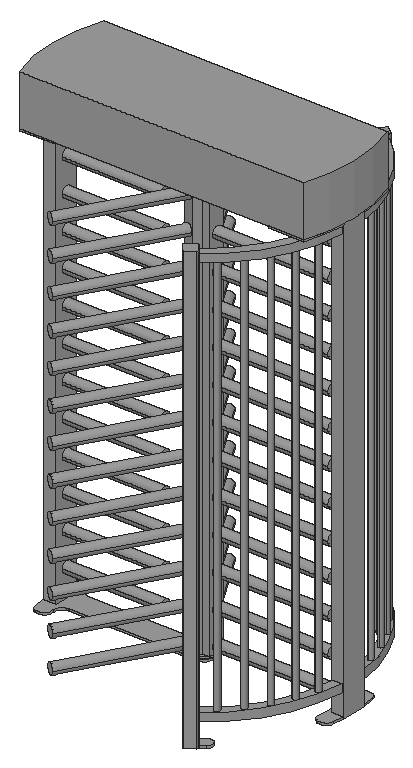
Revit family "assa_abloy_ft100", category Generic Models, Revit 2026
Family settings
  Can host rebar = No
  Round Connector Dimension = Use Diameter
  Part Type = Normal
  Work Plane-Based = No
  Always vertical = Yes
  Cut with Voids When Loaded = No
  Maintain Annotation Orientation = No
  Shared = No
  Room Calculation Point = No
Parameters (values of type "FT100")
  Weight = "Depends on configuration and size"
  WarrantyDescription = "Depends on country"
  Uniclass2 = ""
  URL = "https://www.assaabloyentrance.com"
  ThresholdRequired = no
  System Type Input [instance] = 1
  Shape = "Cylinder shaped"
  ServiceLifeDuration = "10-15 years"
  SerialNumber = "n/a"
  SelfClosing = yes
  SafetyDevices = "Force Limitations"
  ReplacementCost = "Depends on the configuration and door type"
  ReferenceStandard = "n/a"
  ProductionYear = "n/a"
  PassageWidthOptions = "600, 630, 670"
  OperatingTemperature = "-20º to +70ºC"
  NominalWidth = 1441.0 mm
  NominalLength = 1220.0 mm
  NominalHeight = 2370.0 mm
  ModelReference = "Depends on the configuration"
  Model = "Maxima"
  Material = "Aluminum"
  ManufacturerURL = "https://www.assaabloyentrance.com"
  Manufacturer = "Tansa"
  Length [instance] = if(System Type Input = 1, 1220.0 mm, if(System Type Input = 2, 1295.0 mm, if(System Type Input = 3, 1372.0 mm, 1372.0 mm)))  # 1220.0 mm
  LeafColourOptions = "All RAL, customer specific"
  IssueDate = "n/a"
  IsExternal = yes
  HeightUnderCanopyOptions = "2125"
  HasDrive = yes
  HandicapAccessible = no
  GlassType = "n/a"
  GlassThickness2 = 0.0 mm
  GlassThickness1 = 0.0 mm
  GlassLayers = 0
  FrameSeal = yes
  FrameProfile = "Aluminium"
  FrameFinishOptions = "Powder coated, Anodized, Clad in stainless steel, etc."
  Frame Material [instance] = AssaAbloy_Metal
  FireExit = no
  Finish [instance] = "Powder coated, Anodized, stainless steel, customer specific"
  ElectronicLock = yes
  DrumWallOptions = "Metal"
  DoorsetOptions = "no"
  DoorsetOperation = "Automatic"
  DoorsetFasteners = "Screws"
  DoorIncluded = yes
  Description = "Full height turnstile"
  Default Elevation = 0.0 mm
  Construction Type = "Full-height turnstile"
  Colour = "Customer specific"
  Clearance Zone Material [instance] = AssaAbloy_Clearance
  Clearance Zone [instance] = no
  Width [instance] = if(System Type Input = 1, 1441.0 mm, if(System Type Input = 2, 1501.0 mm, if(System Type Input = 3, 1580.0 mm, 1580.0 mm)))  # 1441.0 mm
  Clear Open Width [instance] = if(System Type Input = 1, 600.0 mm, if(System Type Input = 2, 630.0 mm, if(System Type Input = 3, 670.0 mm, 670.0 mm)))  # 600.0 mm
  Capacity = "n/a"
  Burglar resistance = "No"
  BreakoutFacility = no
  Author = "agtatec"
  AntiFingerTrapRequirement = no
  Anti-tailgating/Anti-piggybacking = "Yes"
  AccessoryOptions = "Contact manufacturer"
  Access control/Biometrics = "Yes"
Reference planes
  plane 1 "Center (Front/Back)": y = 0
  plane 2: z = 0
  plane 3 "Center (Left/Right)": x = 0
  plane 4: x = -720.5
  plane 5: x = 720.5
Dimensions and locks
  equal spacing: plane 4, plane 3 "Center (Left/Right)", plane 5
  "Width": plane 4 to plane 5
  aligned and locked: level to plane 2
  aligned and locked: nested 3 to plane 4
  aligned and locked: plane 5 to nested 1
Nested families
  nested 1: "record_MRT_SideElement" at (720.5, 0, 0), type "record_MRT_SideElement"
    with Width/2 720.5 mm, Grid no, Grate yes, Width 1441.0 mm
  nested 2: "record_MRT_Canopy" at (0, 0, 2125), Width <- "Width", Clearance Zone <- "Clearance Zone", Clearance Zone Material <- "Clearance Zone Material", type "record_MRT_Canopy"
    with Width 1441.0 mm, Clearance Zone Material AssaAbloy_Clearance, Clearance Zone no
  nested 3: "record_MRT_SideElement" at (-720.5, 0, 0) x (-1, 0, 0) z (0, 0, 1), type "record_MRT_SideElement"
    with Width/2 720.5 mm, Grid yes, Grate no, Width 1441.0 mm
  nested 4: "record_MRT_Grate" at (0, 0, 0), Width <- "Width", type "record_MRT_Grate"
    with Width 1441.0 mm, Radius 692.9 mm, Length 1220.0 mm, Angle 52.95°
  nested 5: "record_MRT_Grate" at (0, 0, 0), Width <- "Width", type "record_MRT_Grate"
    with Width 1441.0 mm, Radius 692.9 mm, Length 1220.0 mm, Angle 52.95°
  nested 6: "record_MRT_CZ" at (0, 0, 0), Width <- "Width", Clearance Zone <- "Clearance Zone", Clearance Zone Material <- "Clearance Zone Material", type "record_MRT_CZ"
    with Width 1441.0 mm, Clearance Zone Material AssaAbloy_Clearance, Clearance Zone no, CZRadius2 621.3 mm, CZRadius1 725.5 mm, Angle 52.95°
  nested 7: "record_MRT_RevolvingElement" at (0, 0, 0), type "record_MRT_RevolvingElement"
    with Rods Offset 37.0 mm, Rods Length 555.9 mm, COW 600.0 mm
Definition of nested family "record_MRT_SideElement"
  Parameters (values of type "record_MRT_SideElement")
    Width/2 [instance] = Width / 2  # 790.0 mm
    Width = 1580.0 mm
    Grid [instance] = yes
    Grate [instance] = yes
    Frame Material = none
    Default Elevation = 0.0 mm
  Reference planes
    plane 1 "Center (Front/Back)": y = 0
    plane 2: z = 0
    plane 3 "Center (Left/Right)": x = 0
    plane 4: z = 2125
    plane 5: x = -790
    plane 6: x = -605.8
    plane 7: x = -120.668
  Forms (mm)
    Sweep 1, solid, material <- "Frame Material", visible <- "Grate", not visible
      path origin (743.754, 172.094, 0) x (0, 0, 1) y (0.225717, -0.974193, 0)
        loop
          line (148.5, 0) -> (2077, 0)
      profile origin (743.754, 172.094, 1112.75) x (0.225717, -0.974193, 0) y (0.974193, 0.225717, 0)
        loop
          circle (0, -0.066) r 10
    Sweep 2, solid, material <- "Frame Material", visible <- "Grate", not visible
      path origin (709.973, 280.46, 0) x (0, 0, 1) y (0.36785, -0.929885, 0)
        loop
          line (148.5, 0) -> (2077, 0)
      profile origin (709.973, 280.46, 1112.75) x (0.36785, -0.929885, 0) y (0.929885, 0.36785, 0)
        loop
          circle (0, -0.066) r 10
    Sweep 3, solid, material <- "Frame Material", visible <- "Grate", not visible
      path origin (660.477, 382.61, 0) x (0, 0, 1) y (0.50183, -0.864966, 0)
        loop
          line (148.5, 0) -> (2077, 0)
      profile origin (660.477, 382.61, 1112.75) x (0.50183, -0.864966, 0) y (0.864966, 0.50183, 0)
        loop
          circle (0, -0.066) r 10
    Sweep 4, solid, material <- "Frame Material", visible <- "Grate", not visible
      path origin (599.29, 472.625, 0) x (0, 0, 1) y (0.625012, -0.780615, 0)
        loop
          line (148.5, -5) -> (2077, -5)
      profile origin (596.165, 476.528, 1112.75) x (0.625012, -0.780615, 0) y (0.780615, 0.625012, 0)
        loop
          circle (0, -0.066) r 10
    Sweep 5, solid, material <- "Frame Material", visible <- "Grate", not visible
      path origin (522.49, 556.213, 0) x (0, 0, 1) y (0.73398, -0.679171, 0)
        loop
          line (148.5, -5) -> (2077, -5)
      profile origin (518.82, 559.609, 1112.75) x (0.73398, -0.679171, 0) y (0.679171, 0.73398, 0)
        loop
          circle (0, -0.066) r 10
    Sweep 6, solid, material <- "Frame Material", visible <- "Grate", not visible
      path origin (434.471, 627.239, 0) x (0, 0, 1) y (0.826376, -0.563119, 0)
        loop
          line (0, -5) -> (2130, -5)
      profile origin (430.339, 630.054, 1065) x (0.826376, -0.563119, 0) y (0.563119, 0.826376, 0)
        loop
          line (-6.4, 29.934) -> (-53.6, 29.934)
          arc (-53.6, 29.934) -> (-58.125, 28.06) -> (-60, 23.534) r 6.4
          line (-60, 23.534) -> (-60, -23.666)
          arc (-60, -23.666) -> (-58.125, -28.191) -> (-53.6, -30.066) r 6.4
          line (-53.6, -30.066) -> (-6.4, -30.066)
          arc (-6.4, -30.066) -> (-1.875, -28.191) -> (0, -23.666) r 6.4
          line (0, -23.666) -> (0, 23.534)
          arc (0, 23.534) -> (-1.875, 28.06) -> (-6.4, 29.934) r 6.4
    Sweep 7, solid, material <- "Frame Material", visible <- "Grate", not visible
      path origin (0, 0, 0) x (1, 0, 0) y (0, 1, 0)
        loop
          arc (763.43, 0) -> (675.033, 356.342) -> (430.339, 630.054) r 762.43
      profile origin (675.033, 356.342, 0) x (-0.884058, -0.467376, 0) y (0, 0, 1)
        loop
          line (19.934, 108.5) -> (19.934, 148.5) -> (-20.066, 148.5) -> (-20.066, 108.5) -> (19.934, 108.5)
        loop
          line (19.934, 2077) -> (19.934, 2117) -> (-20.066, 2117) -> (-20.066, 2077) -> (19.934, 2077)
    Sweep 8, solid, material <- "Frame Material", visible <- "Grate", not visible
      path origin (430.339, 630.054, 0) x (0, 0, 1) y (0.826376, -0.563119, 0)
        loop
          line (0, 0) -> (8, 0)
      profile origin (430.339, 630.054, 4) x (0.826376, -0.563119, 0) y (0.563119, 0.826376, 0)
        loop
          line (0, 27.934) -> (0, -28.066)
          arc (0, -28.066) -> (14.452, -28.208) -> (28.898, -28.634) r 734.365
          arc (28.898, -28.634) -> (57.978, -1.758) -> (31.102, 27.322) r 28
          arc (31.102, 27.322) -> (15.554, 27.781) -> (0, 27.934) r 790.365
    Sweep 9, solid, material <- "Frame Material", visible <- "Grate", not visible
      path origin (473.627, 546.001, 0) x (0, 0, 1) y (0.755398, -0.655267, 0)
        loop
          line (148.5, 0) -> (2077, 0)
      profile origin (473.627, 546.001, 1112.75) x (0.755398, -0.655267, 0) y (0.655267, 0.755398, 0)
        loop
          arc (10, -0.066) -> (0, 9.934) -> (-10, -0.066) r 10
          line (-10, -0.066) -> (-10, -10) -> (10, -10) -> (10, -0.066)
    Sweep 10, solid, material <- "Frame Material"
      path origin (0, 153.297, 1200) x (0, 1, 0) y (0, 0, 1)
        loop
          line (-153.297, -1200) -> (-153.297, 925)
      profile origin (0, 0, 1062.5) x (0, -1, 0) y (1, 0, 0)
        loop
          line (60, 0) -> (-60, 0) -> (-60, -60) -> (60, -60) -> (60, 0)
    Sweep 11, solid, material <- "Frame Material", visible <- "Grid", detail levels fine
      path origin (-790, 0, 0) x (1, 0, 0) y (0, 1, 0)
        loop
          line (184.2, 0) -> (730, 0)
      profile origin (-332.9, 0, 0) x (0, 1, 0) y (0, 0, 1)
        loop
          circle (0, 143) r 25.5
        loop
          circle (0, 304) r 25.5
        loop
          circle (0, 465) r 25.5
        loop
          circle (0, 626) r 25.5
        loop
          circle (0, 787) r 25.5
        loop
          circle (0, 948) r 25.5
        loop
          circle (0, 1109) r 25.5
        loop
          circle (0, 1270) r 25.5
        loop
          circle (0, 1431) r 25.5
        loop
          circle (0, 1592) r 25.5
        loop
          circle (0, 1753) r 25.5
        loop
          circle (0, 1914) r 25.5
        loop
          circle (0, 2075) r 25.5
    Sweep 12, solid, material <- "Frame Material", visible <- "Grid", detail levels medium
      path origin (0, 0, 0) x (1, 0, 0) y (0, 1, 0)
        loop
          line (-605.8, 0) -> (-60, 0)
      profile origin (-332.9, 0, 0) x (0, 1, 0) y (0, 0, 1)
        loop
          line (25.5, 2100.5) -> (-25.5, 2100.5) -> (-25.5, 2049.5) -> (25.5, 2049.5) -> (25.5, 2100.5)
        loop
          line (25.5, 1939.5) -> (-25.5, 1939.5) -> (-25.5, 1888.5) -> (25.5, 1888.5) -> (25.5, 1939.5)
        loop
          line (25.5, 1778.5) -> (-25.5, 1778.5) -> (-25.5, 1727.5) -> (25.5, 1727.5) -> (25.5, 1778.5)
        loop
          line (25.5, 1617.5) -> (-25.5, 1617.5) -> (-25.5, 1566.5) -> (25.5, 1566.5) -> (25.5, 1617.5)
        loop
          line (25.5, 1456.5) -> (-25.5, 1456.5) -> (-25.5, 1405.5) -> (25.5, 1405.5) -> (25.5, 1456.5)
        loop
          line (25.5, 1295.5) -> (-25.5, 1295.5) -> (-25.5, 1244.5) -> (25.5, 1244.5) -> (25.5, 1295.5)
        loop
          line (25.5, 1134.5) -> (-25.5, 1134.5) -> (-25.5, 1083.5) -> (25.5, 1083.5) -> (25.5, 1134.5)
        loop
          line (25.5, 973.5) -> (-25.5, 973.5) -> (-25.5, 922.5) -> (25.5, 922.5) -> (25.5, 973.5)
        loop
          line (25.5, 812.5) -> (-25.5, 812.5) -> (-25.5, 761.5) -> (25.5, 761.5) -> (25.5, 812.5)
        loop
          line (25.5, 651.5) -> (-25.5, 651.5) -> (-25.5, 600.5) -> (25.5, 600.5) -> (25.5, 651.5)
        loop
          line (25.5, 490.5) -> (-25.5, 490.5) -> (-25.5, 439.5) -> (25.5, 439.5) -> (25.5, 490.5)
        loop
          line (25.5, 329.5) -> (-25.5, 329.5) -> (-25.5, 278.5) -> (25.5, 278.5) -> (25.5, 329.5)
        loop
          line (25.5, 168.5) -> (-25.5, 168.5) -> (-25.5, 117.5) -> (25.5, 117.5) -> (25.5, 168.5)
    Sweep 13, solid, material <- "Frame Material", visible <- "Grid", detail levels coarse
      path origin (0, 0, 0) x (1, 0, 0) y (0, 1, 0)
        loop
          line (-605.8, 0) -> (-60, 0)
      profile origin (-332.9, 0, 0) x (0, 1, 0) y (0, 0, 1)
        loop
          line (25.5, 2125) -> (-25.5, 2125) -> (-25.5, 0) -> (25.5, 0) -> (25.5, 2125)
    Extrusion 14, solid, material <- "Frame Material", visible <- "Grid", detail levels fine
      sketch origin (0, 0, 0) x (1, 0, 0) y (0, 1, 0)
        loop
          arc (-0.483, 60) -> (-2.898, 88.854) -> (-7.332, 117.467) r 412.33
          arc (-7.332, 117.467) -> (-51.695, 147.837) -> (-82.942, 104.088) r 38.4
          arc (-82.942, 104.088) -> (-91.655, 73.359) -> (-120.668, 60) r 38.185
          line (-120.668, 60) -> (-120.668, -60)
          arc (-120.668, -60) -> (-91.659, -73.354) -> (-82.94, -104.076) r 38.185
          arc (-82.94, -104.076) -> (-51.554, -147.836) -> (-7.278, -117.183) r 38.4
          arc (-7.278, -117.183) -> (-2.881, -88.71) -> (-0.483, -60) r 412.33
          line (-0.483, -60) -> (-60, -60) -> (-60, 60) -> (-0.483, 60)
      from 8 to 0
    Extrusion 15, solid, material <- "Frame Material", visible <- "Grid", detail levels fine
      sketch origin (-670.332, 0, 0) x (1, 0, 0) y (0, 1, 0)
        loop
          line (549.664, 60) -> (-119.668, 60)
          arc (-119.668, 60) -> (-179.668, 0) -> (-119.668, -60) r 60
          line (-119.668, -60) -> (549.664, -60) -> (549.664, 60)
      from 8 to 0
  Cuts and joins
    joined: Extrusion 14, Extrusion 15
  Lines and regions (mm)
    reference lines
      curve 1: circle (-790, 0, 0) r 60 normal (0, 0, 1)
  Dimensions and locks
    plane 4 to plane 2 = 2125.0 mm
    equal spacing: curve 1, plane 5, curve 1, locked at 60 each
    "Width/2": plane 5 to plane 3 "Center (Left/Right)"
    locked: plane 5 to plane 6 at 184.2
    locked: plane 7 to plane 3 "Center (Left/Right)" at 120.668
    aligned and locked: level to plane 2
    aligned and locked: plane 6 to Sweep 11 sketch curve
    aligned and locked: plane 6 to Sweep 12 sketch curve
  Automatic sketch dimensions
    plane 1 "Center (Front/Back)" to curve 1 = 0.0 mm
    curve 1 to plane 5 = 0.0 mm
    Sweep 10 sketch curve to plane 1 "Center (Front/Back)" = 0.0 mm
    Sweep 10 sketch curve to level = 0.0 mm
    plane 4 to Sweep 10 sketch curve = 0.0 mm
    Sweep 10 sketch curve to profile plane = 0.0 mm
    profile plane to Sweep 10 sketch curve = 60.0 mm
    Sweep 10 sketch curve to profile plane = 60.0 mm  (x2)
    plane 1 "Center (Front/Back)" to Sweep 11 sketch curve = 0.0 mm
    Sweep 11 sketch curve to plane 3 "Center (Left/Right)" = 60.0 mm
    Sweep 11 sketch curve to profile plane = 0.0 mm  (x13)
    profile plane to Sweep 11 sketch curve = 143.0 mm
    Sweep 11 sketch curve to Sweep 11 sketch curve = 161.0 mm  (x12)
    plane 1 "Center (Front/Back)" to Sweep 12 sketch curve = 0.0 mm
    Sweep 12 sketch curve to plane 3 "Center (Left/Right)" = 60.0 mm
    profile plane to Sweep 12 sketch curve = 25.5 mm  (x13)
    Sweep 12 sketch curve to profile plane = 25.5 mm  (x13)
    level to Sweep 12 sketch curve = 117.5 mm
    Sweep 12 sketch curve to Sweep 12 sketch curve = 51.0 mm  (x13)
    Sweep 12 sketch curve to Sweep 12 sketch curve = 110.0 mm  (x12)
    Sweep 13 sketch curve to plane 6 = 0.0 mm
    plane 1 "Center (Front/Back)" to Sweep 13 sketch curve = 0.0 mm
    Sweep 13 sketch curve to plane 3 "Center (Left/Right)" = 60.0 mm
    Sweep 13 sketch curve to level = 0.0 mm
    profile plane to Sweep 13 sketch curve = 25.5 mm
    Sweep 13 sketch curve to profile plane = 25.5 mm
    level to Sweep 13 sketch curve = 2125.0 mm
    Extrusion 14 sketch curve to plane 7 = 0.0 mm
    Extrusion 14 sketch curve to plane 1 "Center (Front/Back)" = 40.055 mm
    Extrusion 14 sketch curve to plane 7 = 291.662 mm
    plane 1 "Center (Front/Back)" to Extrusion 14 sketch curve = 40.055 mm
    Extrusion 14 sketch curve to Extrusion 14 sketch curve = 0.0 mm  (x3)
    Extrusion 14 sketch curve to plane 3 "Center (Left/Right)" = 60.0 mm
    Extrusion 14 sketch curve to plane 3 "Center (Left/Right)" = 45.004 mm
    Extrusion 14 sketch curve to plane 3 "Center (Left/Right)" = 45.0 mm
    Extrusion 14 sketch curve to plane 3 "Center (Left/Right)" = 0.483 mm  (x2)
    plane 1 "Center (Front/Back)" to Extrusion 14 sketch curve = 60.0 mm  (x2)
    Extrusion 14 sketch curve to Extrusion 14 sketch curve = 38.185 mm  (x2)
    Extrusion 14 sketch curve to Extrusion 14 sketch curve = 50.0 mm
    Extrusion 14 sketch curve to plane 1 "Center (Front/Back)" = 60.0 mm  (x2)
    Extrusion 14 sketch curve to Extrusion 14 sketch curve = 50.024 mm
    plane 1 "Center (Front/Back)" to Extrusion 15 sketch curve = 0.0 mm
    Extrusion 15 sketch curve to plane 5 = 0.0 mm
    Extrusion 15 sketch curve to plane 7 = 0.0 mm
    plane 1 "Center (Front/Back)" to Extrusion 15 sketch curve = 60.0 mm
    radius of curve 1 = 60.0 mm
    radius of Sweep 11 sketch curve = 25.5 mm  (x13)
  Nested families
    nested 1: "record_MRT_Element_1" at (0, 0, 0), visible <- "Grate", type "record_MRT_Element_1"
  Definition of nested family "record_MRT_Element_1"
    Parameters (values of type "record_MRT_Element_1")
      Frame Material = none
      Default Elevation = 0.0 mm
    Reference planes
      plane 1 "Center (Front/Back)": y = 0
      plane 2: z = 0
      plane 3 "Center (Left/Right)": x = 0
      plane 4: z = 2125
    Forms (mm)
      Sweep 1, solid, material <- "Frame Material", not visible
        path origin (743.754, 172.094, 0) x (0, 0, 1) y (0.225717, -0.974193, 0)
          loop
            line (148.5, 0) -> (2077, 0)
        profile origin (743.754, 172.094, 1112.75) x (0.225717, -0.974193, 0) y (0.974193, 0.225717, 0)
          loop
            circle (0, -0.066) r 10
      Sweep 2, solid, material <- "Frame Material", not visible
        path origin (709.973, 280.46, 0) x (0, 0, 1) y (0.36785, -0.929885, 0)
          loop
            line (148.5, 0) -> (2077, 0)
        profile origin (709.973, 280.46, 1112.75) x (0.36785, -0.929885, 0) y (0.929885, 0.36785, 0)
          loop
            circle (0, -0.066) r 10
      Sweep 3, solid, material <- "Frame Material", not visible
        path origin (660.477, 382.61, 0) x (0, 0, 1) y (0.50183, -0.864966, 0)
          loop
            line (148.5, 0) -> (2077, 0)
        profile origin (660.477, 382.61, 1112.75) x (0.50183, -0.864966, 0) y (0.864966, 0.50183, 0)
          loop
            circle (0, -0.066) r 10
      Sweep 4, solid, material <- "Frame Material", not visible
        path origin (599.29, 472.625, 0) x (0, 0, 1) y (0.625012, -0.780615, 0)
          loop
            line (148.5, -5) -> (2077, -5)
        profile origin (596.165, 476.528, 1112.75) x (0.625012, -0.780615, 0) y (0.780615, 0.625012, 0)
          loop
            circle (0, -0.066) r 10
      Sweep 5, solid, material <- "Frame Material", not visible
        path origin (522.49, 556.213, 0) x (0, 0, 1) y (0.73398, -0.679171, 0)
          loop
            line (148.5, -5) -> (2077, -5)
        profile origin (518.82, 559.609, 1112.75) x (0.73398, -0.679171, 0) y (0.679171, 0.73398, 0)
          loop
            circle (0, -0.066) r 10
      Sweep 6, solid, material <- "Frame Material", not visible
        path origin (434.471, 627.239, 0) x (0, 0, 1) y (0.826376, -0.563119, 0)
          loop
            line (0, -5) -> (2130, -5)
        profile origin (430.339, 630.054, 1065) x (0.826376, -0.563119, 0) y (0.563119, 0.826376, 0)
          loop
            line (-6.4, 29.934) -> (-53.6, 29.934)
            arc (-53.6, 29.934) -> (-58.125, 28.06) -> (-60, 23.534) r 6.4
            line (-60, 23.534) -> (-60, -23.666)
            arc (-60, -23.666) -> (-58.125, -28.191) -> (-53.6, -30.066) r 6.4
            line (-53.6, -30.066) -> (-6.4, -30.066)
            arc (-6.4, -30.066) -> (-1.875, -28.191) -> (0, -23.666) r 6.4
            line (0, -23.666) -> (0, 23.534)
            arc (0, 23.534) -> (-1.875, 28.06) -> (-6.4, 29.934) r 6.4
      Sweep 7, solid, material <- "Frame Material", not visible
        path origin (0, 0, 0) x (1, 0, 0) y (0, 1, 0)
          loop
            arc (763.43, 0) -> (675.033, 356.342) -> (430.339, 630.054) r 762.43
        profile origin (675.033, 356.342, 0) x (-0.884058, -0.467376, 0) y (0, 0, 1)
          loop
            line (19.934, 108.5) -> (19.934, 148.5) -> (-20.066, 148.5) -> (-20.066, 108.5) -> (19.934, 108.5)
          loop
            line (19.934, 2077) -> (19.934, 2117) -> (-20.066, 2117) -> (-20.066, 2077) -> (19.934, 2077)
      Sweep 8, solid, material <- "Frame Material", not visible
        path origin (430.339, 630.054, 0) x (0, 0, 1) y (0.826376, -0.563119, 0)
          loop
            line (0, 0) -> (8, 0)
        profile origin (430.339, 630.054, 4) x (0.826376, -0.563119, 0) y (0.563119, 0.826376, 0)
          loop
            line (0, 27.934) -> (0, -28.066)
            arc (0, -28.066) -> (14.452, -28.208) -> (28.898, -28.634) r 734.365
            arc (28.898, -28.634) -> (57.978, -1.758) -> (31.102, 27.322) r 28
            arc (31.102, 27.322) -> (15.554, 27.781) -> (0, 27.934) r 790.365
      Sweep 9, solid, material <- "Frame Material", not visible
        path origin (473.627, 546.001, 0) x (0, 0, 1) y (0.755398, -0.655267, 0)
          loop
            line (148.5, 0) -> (2077, 0)
        profile origin (473.627, 546.001, 1112.75) x (0.755398, -0.655267, 0) y (0.655267, 0.755398, 0)
          loop
            arc (10, -0.066) -> (0, 9.934) -> (-10, -0.066) r 10
            line (-10, -0.066) -> (-10, -10) -> (10, -10) -> (10, -0.066)
      Extrusion 10, solid, material <- "Frame Material", detail levels fine
        sketch origin (-791, 0, 0) x (1, 0, 0) y (0, 1, 0)
          loop
            arc (790.732, 60) -> (787.96, 88.021) -> (784.141, 115.919) r 752.001
            arc (784.141, 115.919) -> (740.436, 147.965) -> (708.212, 104.391) r 38.4
            arc (708.212, 104.391) -> (715.877, 0) -> (708.212, -104.391) r 714.677
            arc (708.212, -104.391) -> (740.436, -147.965) -> (784.141, -115.919) r 38.4
            arc (784.141, -115.919) -> (787.96, -88.021) -> (790.732, -60) r 752.001
            line (790.732, -60) -> (731, -60) -> (731, 60) -> (790.732, 60)
        from 8 to 0
    Dimensions and locks
      plane 4 to plane 2 = 2125.0 mm
      radius of Extrusion 10 sketch curve = 714.677 mm
      radius of Extrusion 10 sketch curve = 752.001 mm  (x2)
      radius of Extrusion 10 sketch curve = 38.4 mm
      aligned and locked: level to plane 2
Definition of nested family "record_MRT_Canopy"
  Parameters (values of type "record_MRT_Canopy")
    Width [instance] = 1580.0 mm
    Frame Material = none
    Default Elevation = 0.0 mm
    Clearance Zone Material [instance] = none
    Clearance Zone [instance] = yes
  Reference planes
    plane 1 "Center (Front/Back)": y = 0
    plane 2: z = 0
    plane 3 "Center (Left/Right)": x = 0
    plane 4: z = 245
    plane 5: x = 790
    plane 6: x = -790
    plane 7: y = 249.999
    plane 8: y = -249.999
    plane 9: x = -27.7
    plane 10: x = 27.7
  Forms (mm)
    Extrusion 1, solid, material <- "Frame Material"
      sketch origin (0, 0, 0) x (1, 0, 0) y (0, 1, 0)
        loop
          arc (-749.957, 249.999) -> (-792, 0) -> (-749.957, -249.999) r 764.3
          line (-749.957, -249.999) -> (749.957, -249.999)
          arc (749.957, -249.999) -> (792, 0) -> (749.957, 249.999) r 764.3
          line (749.957, 249.999) -> (-749.957, 249.999)
      from 0 to 245
    Extrusion 2, solid, material <- "Frame Material", detail levels fine
      sketch origin (0, 0, 0) x (1, 0, 0) y (0, 1, 0)
        loop
          arc (-749.957, 249.999) -> (-775.855, 156.264) -> (-789.641, 60) r 764.3
          line (-789.641, 60) -> (-730.026, 60) -> (-730.026, -60) -> (-789.641, -60)
          arc (-789.641, -60) -> (-775.855, -156.264) -> (-749.957, -249.999) r 764.3
          line (-749.957, -249.999) -> (-580.6, -249.999) -> (-580.6, 249.999) -> (-749.957, 249.999)
      from -8 to 0
    Extrusion 3, solid, material <- "Clearance Zone Material", visible <- "Clearance Zone"
      sketch origin (0, 0, 0) x (1, 0, 0) y (0, 1, 0)
        loop
          arc (-753.509, 254.999) -> (-797.001, 0) -> (-753.51, -254.999) r 769.301
          line (-753.51, -254.999) -> (753.51, -254.999)
          arc (753.51, -254.999) -> (797.001, 0) -> (753.509, 254.999) r 769.301
          line (753.509, 254.999) -> (-753.509, 254.999)
      from -10 to 247
    Extrusion 4, solid, material <- "Frame Material", detail levels fine
      sketch origin (0, 0, 0) x (-1, 0, 0) y (0, -1, 0)
        loop
          line (-749.957, -249.999) -> (-580.6, -249.999) -> (-580.6, 249.999) -> (-749.957, 249.999)
          arc (-749.957, 249.999) -> (-775.868, 156.265) -> (-789.667, 60) r 764.334
          line (-789.667, 60) -> (-730, 60) -> (-730, -60) -> (-789.615, -60)
          arc (-789.615, -60) -> (-775.842, -156.264) -> (-749.957, -249.999) r 764.266
      from -8 to 0
  Lines and regions (mm)
    reference lines
      curve 1: circle (-27.7, -0.001, 0) r 764.3 normal (0, 0, 1)
      curve 2: circle (27.7, -0.001, 0) r 764.3 normal (0, 0, -1)
  Dimensions and locks
    plane 4 to plane 2 = 245.0 mm
    equal spacing: plane 6, plane 3 "Center (Left/Right)", plane 5
    "Width": plane 6 to plane 5
    locked: plane 7 to plane 8 at 499.998
    equal spacing: plane 8, plane 1 "Center (Front/Back)", plane 7
    equal spacing: curve 1, plane 9, curve 1
    locked: plane 6 to plane 9 at 762.3
    equal spacing: curve 2, plane 10, curve 2
    locked: plane 10 to plane 5 at 762.3
    equal spacing: Extrusion 2 sketch curve, plane 1 "Center (Front/Back)", Extrusion 2 sketch curve
    locked: Extrusion 2 sketch curve to Extrusion 2 sketch curve at 120
    Extrusion 4 sketch curve to Extrusion 4 sketch curve = 120.0 mm
    locked: Extrusion 4 sketch curve to Extrusion 4 sketch curve at 120
    locked: Extrusion 4 sketch curve to plane 5 at 209.4
    locked: plane 6 to Extrusion 2 sketch curve at 209.4
    aligned and locked: level to plane 2
    aligned and locked: plane 8 to Extrusion 1 sketch curve
    aligned and locked: Extrusion 1 sketch curve to curve 1
    aligned and locked: Extrusion 2 sketch curve to curve 1  (x2)
    aligned and locked: plane 8 to Extrusion 2 sketch curve
    aligned and locked: plane 7 to Extrusion 2 sketch curve
    aligned and locked: Extrusion 1 sketch curve to curve 2
  Automatic sketch dimensions
    plane 1 "Center (Front/Back)" to curve 2 = 0.001 mm
    plane 1 "Center (Front/Back)" to curve 1 = 0.001 mm
    plane 7 to Extrusion 1 sketch curve = 0.0 mm
    Extrusion 2 sketch curve to Extrusion 2 sketch curve = 59.615 mm
    Extrusion 3 sketch curve to plane 10 = 0.0 mm
    Extrusion 3 sketch curve to plane 9 = 0.0 mm
    Extrusion 3 sketch curve to plane 7 = 5.0 mm
    Extrusion 3 sketch curve to plane 6 = 36.491 mm
    Extrusion 3 sketch curve to plane 8 = 5.0 mm
    Extrusion 3 sketch curve to plane 6 = 36.49 mm
    Extrusion 3 sketch curve to plane 5 = 36.491 mm
    Extrusion 3 sketch curve to plane 5 = 36.49 mm
    Extrusion 3 sketch curve to Extrusion 3 sketch curve = 0.0 mm
    Extrusion 4 sketch curve to Extrusion 4 sketch curve = 0.0 mm  (x2)
    Extrusion 4 sketch curve to plane 8 = 0.0 mm
    plane 7 to Extrusion 4 sketch curve = 0.0 mm
    Extrusion 4 sketch curve to plane 10 = 0.0 mm
    plane 5 to Extrusion 4 sketch curve = 60.0 mm
    plane 5 to Extrusion 4 sketch curve = 40.043 mm  (x2)
    plane 5 to Extrusion 4 sketch curve = 0.385 mm
    Extrusion 4 sketch curve to plane 1 "Center (Front/Back)" = 60.0 mm
    radius of curve 1 = 764.3 mm
    radius of curve 2 = 764.3 mm
Definition of nested family "record_MRT_Grate"
  Parameters (values of type "record_MRT_Grate")
    Width [instance] = 1501.0 mm
    Radius [instance] = Width / 2 - 27.6 mm  # 722.9 mm
    Length [instance] = if(Width = 1441.0 mm, 1220.0 mm, if(Width = 1501.0 mm, 1295.0 mm, 1372.0 mm))  # 1295.0 mm
    Frame Material = none
    Default Elevation = 0.0 mm
    Angle [instance] = if(Width = 1441.0 mm, 52.95°, if(Width = 1501.0 mm, 54.90°, 55.73°))  # 54.90°
  Reference planes
    plane 1 "Center (Front/Back)": y = 0
    plane 2: z = 0
    plane 3 "Center (Left/Right)": x = 0
    plane 4: z = 2125
    plane 5: x = 750.5
    plane 6: x = -750.5
    plane 7: y = 647.5
    plane 8: y = -647.5
  Forms (mm)
    Sweep 1, solid, material <- "Frame Material", not visible
      path origin (743.754, 172.094, 0) x (0, 0, 1) y (0.225717, -0.974193, 0)
        loop
          line (148.5, 0) -> (2077, 0)
      profile origin (743.754, 172.094, 1112.75) x (0.225717, -0.974193, 0) y (0.974193, 0.225717, 0)
        loop
          circle (0, -0.066) r 10
    Sweep 2, solid, material <- "Frame Material", not visible
      path origin (709.973, 280.46, 0) x (0, 0, 1) y (0.36785, -0.929885, 0)
        loop
          line (148.5, 0) -> (2077, 0)
      profile origin (709.973, 280.46, 1112.75) x (0.36785, -0.929885, 0) y (0.929885, 0.36785, 0)
        loop
          circle (0, -0.066) r 10
    Sweep 3, solid, material <- "Frame Material", not visible
      path origin (660.477, 382.61, 0) x (0, 0, 1) y (0.50183, -0.864966, 0)
        loop
          line (148.5, 0) -> (2077, 0)
      profile origin (660.477, 382.61, 1112.75) x (0.50183, -0.864966, 0) y (0.864966, 0.50183, 0)
        loop
          circle (0, -0.066) r 10
    Sweep 4, solid, material <- "Frame Material", not visible
      path origin (599.29, 472.625, 0) x (0, 0, 1) y (0.625012, -0.780615, 0)
        loop
          line (148.5, -5) -> (2077, -5)
      profile origin (596.165, 476.528, 1112.75) x (0.625012, -0.780615, 0) y (0.780615, 0.625012, 0)
        loop
          circle (0, -0.066) r 10
    Sweep 5, solid, material <- "Frame Material", not visible
      path origin (522.49, 556.213, 0) x (0, 0, 1) y (0.73398, -0.679171, 0)
        loop
          line (148.5, -5) -> (2077, -5)
      profile origin (518.82, 559.609, 1112.75) x (0.73398, -0.679171, 0) y (0.679171, 0.73398, 0)
        loop
          circle (0, -0.066) r 10
    Sweep 6, solid, material <- "Frame Material", not visible
      path origin (434.471, 627.239, 0) x (0, 0, 1) y (0.826376, -0.563119, 0)
        loop
          line (0, -5) -> (2130, -5)
      profile origin (430.339, 630.054, 1065) x (0.826376, -0.563119, 0) y (0.563119, 0.826376, 0)
        loop
          line (-6.4, 29.934) -> (-53.6, 29.934)
          arc (-53.6, 29.934) -> (-58.125, 28.06) -> (-60, 23.534) r 6.4
          line (-60, 23.534) -> (-60, -23.666)
          arc (-60, -23.666) -> (-58.125, -28.191) -> (-53.6, -30.066) r 6.4
          line (-53.6, -30.066) -> (-6.4, -30.066)
          arc (-6.4, -30.066) -> (-1.875, -28.191) -> (0, -23.666) r 6.4
          line (0, -23.666) -> (0, 23.534)
          arc (0, 23.534) -> (-1.875, 28.06) -> (-6.4, 29.934) r 6.4
    Sweep 7, solid, material <- "Frame Material", not visible
      path origin (0, 0, 0) x (1, 0, 0) y (0, 1, 0)
        loop
          arc (763.43, 0) -> (675.033, 356.342) -> (430.339, 630.054) r 762.43
      profile origin (675.033, 356.342, 0) x (-0.884058, -0.467376, 0) y (0, 0, 1)
        loop
          line (19.934, 108.5) -> (19.934, 148.5) -> (-20.066, 148.5) -> (-20.066, 108.5) -> (19.934, 108.5)
        loop
          line (19.934, 2077) -> (19.934, 2117) -> (-20.066, 2117) -> (-20.066, 2077) -> (19.934, 2077)
    Sweep 8, solid, material <- "Frame Material", not visible
      path origin (430.339, 630.054, 0) x (0, 0, 1) y (0.826376, -0.563119, 0)
        loop
          line (0, 0) -> (8, 0)
      profile origin (430.339, 630.054, 4) x (0.826376, -0.563119, 0) y (0.563119, 0.826376, 0)
        loop
          line (0, 27.934) -> (0, -28.066)
          arc (0, -28.066) -> (14.452, -28.208) -> (28.898, -28.634) r 734.365
          arc (28.898, -28.634) -> (57.978, -1.758) -> (31.102, 27.322) r 28
          arc (31.102, 27.322) -> (15.554, 27.781) -> (0, 27.934) r 790.365
    Sweep 9, solid, material <- "Frame Material", detail levels fine
      path origin (999, 0, 0) x (1, 0, 0) y (0, 1, 0)
        loop
          arc (-276.1, 0) -> (-357.489, 333.238) -> (-583.329, 591.44) r 722.9
      profile origin (641.511, 333.238, 0) x (-0.887413, -0.460974, 0) y (0, 0, 1)
        loop
          line (19.934, 108.5) -> (19.934, 148.5) -> (-20.066, 148.5) -> (-20.066, 108.5) -> (19.934, 108.5)
        loop
          line (19.934, 2077) -> (19.934, 2117) -> (-20.066, 2117) -> (-20.066, 2077) -> (19.934, 2077)
    Sweep 10, solid, material <- "Frame Material", detail levels fine
      path origin (415.671, 591.44, 0) x (0, 0, 1) y (0.81815, -0.575005, 0)
        loop
          line (0, 0) -> (8, 0)
      profile origin (415.671, 591.44, 4) x (0.81815, -0.575005, 0) y (0.575005, 0.81815, 0)
        loop
          line (0, 27.934) -> (0, -28.066)
          arc (0, -28.066) -> (14.452, -28.208) -> (28.898, -28.634) r 734.365
          arc (28.898, -28.634) -> (57.978, -1.758) -> (31.102, 27.322) r 28
          arc (31.102, 27.322) -> (15.554, 27.781) -> (0, 27.934) r 790.365
    Sweep 11, solid, material <- "Frame Material", detail levels fine
      path origin (415.671, 591.44, 0) x (0, 0, 1) y (0.81815, -0.575005, 0)
        loop
          line (0, 0) -> (2130, 0)
      profile origin (415.671, 591.44, 1065) x (0.81815, -0.575005, 0) y (0.575005, 0.81815, 0)
        loop
          line (-6.4, 30) -> (-53.576, 30)
          arc (-53.576, 30) -> (-58.101, 28.125) -> (-59.976, 23.6) r 6.4
          line (-59.976, 23.6) -> (-59.976, -23.6)
          arc (-59.976, -23.6) -> (-58.101, -28.125) -> (-53.576, -30) r 6.4
          line (-53.576, -30) -> (-6.4, -30)
          arc (-6.4, -30) -> (-1.875, -28.125) -> (0, -23.6) r 6.4
          line (0, -23.6) -> (0, 23.6)
          arc (0, 23.6) -> (-1.875, 28.125) -> (-6.4, 30) r 6.4
    Sweep 12, void
      path origin (750.5, 153.297, 1200) x (0, 1, 0) y (0, 0, 1)
        loop
          line (-153.297, -1200) -> (-153.297, 925)
      profile origin (750.5, 0, 1062.5) x (0, -1, 0) y (1, 0, 0)
        loop
          line (60, 21.05) -> (-60, 21.05) -> (-60, -78.95) -> (60, -78.95) -> (60, 21.05)
    Sweep 13, solid, material <- "Frame Material", detail levels fine
      path origin (490.973, 530.594, 0) x (0, 0, 1) y (0.73398, -0.679171, 0)
        loop
          line (148.5, 0) -> (2077, 0)
      profile origin (490.973, 530.594, 1112.75) x (0.73398, -0.679171, 0) y (0.679171, 0.73398, 0)
        loop
          circle (0, -0.067) r 12.5
    Sweep 14, solid, material <- "Frame Material", not visible
      path origin (473.627, 546.001, 0) x (0, 0, 1) y (0.755398, -0.655267, 0)
        loop
          line (148.5, 0) -> (2077, 0)
      profile origin (473.627, 546.001, 1112.75) x (0.755398, -0.655267, 0) y (0.655267, 0.755398, 0)
        loop
          arc (10, -0.066) -> (0, 9.934) -> (-10, -0.066) r 10
          line (-10, -0.066) -> (-10, -10) -> (10, -10) -> (10, -0.066)
    Sweep 15, solid, material <- "Frame Material", detail levels fine
      path origin (564.322, 451.802, 0) x (0, 0, 1) y (0.624985, -0.780636, 0)
        loop
          line (148.5, 0) -> (2077, 0)
      profile origin (564.322, 451.802, 1112.75) x (0.624985, -0.780636, 0) y (0.780636, 0.624985, 0)
        loop
          circle (0, -0.053) r 12.5
    Sweep 16, solid, material <- "Frame Material", detail levels fine
      path origin (625.284, 362.773, 0) x (0, 0, 1) y (0.50183, -0.864966, 0)
        loop
          line (148.5, 0) -> (2077, 0)
      profile origin (625.284, 362.773, 1112.75) x (0.50183, -0.864966, 0) y (0.864966, 0.50183, 0)
        loop
          circle (0, -0.053) r 12.5
    Sweep 17, solid, material <- "Frame Material", detail levels fine
      path origin (672.214, 265.919, 0) x (0, 0, 1) y (0.36785, -0.929885, 0)
        loop
          line (148.5, 0) -> (2077, 0)
      profile origin (672.214, 265.919, 1112.75) x (0.36785, -0.929885, 0) y (0.929885, 0.36785, 0)
        loop
          circle (0, -0.053) r 12.5
    Sweep 18, solid, material <- "Frame Material", detail levels fine
      path origin (704.244, 163.171, 0) x (0, 0, 1) y (0.225717, -0.974193, 0)
        loop
          line (148.5, 0) -> (2077, 0)
      profile origin (704.244, 163.171, 1112.75) x (0.225717, -0.974193, 0) y (0.974193, 0.225717, 0)
        loop
          circle (0, -0.035) r 12.5
    Sweep 19, solid, material <- "Frame Material", detail levels coarse+medium
      path origin (415.671, 591.44, 0) x (0, 0, 1) y (0.81815, -0.575005, 0)
        loop
          line (0, 0) -> (2125, 0)
      profile origin (415.671, 591.44, 1062.5) x (0.81815, -0.575005, 0) y (0.575005, 0.81815, 0)
        loop
          line (0, 30) -> (-59.976, 30) -> (-59.976, -30) -> (0, -30) -> (0, 30)
    Sweep 20, solid, material <- "Frame Material", detail levels medium
      path origin (999, 0, 0) x (1, 0, 0) y (0, 1, 0)
        loop
          arc (-276.1, 0) -> (-357.489, 333.238) -> (-583.329, 591.44) r 722.9
      profile origin (641.511, 333.238, 0) x (-0.887413, -0.460974, 0) y (0, 0, 1)
        loop
          line (19.934, 108.5) -> (19.934, 2117) -> (-20.066, 2117) -> (-20.066, 108.5) -> (19.934, 108.5)
    Sweep 21, solid, material <- "Frame Material", detail levels coarse
      path origin (999, 0, 0) x (1, 0, 0) y (0, 1, 0)
        loop
          arc (-276.1, 0) -> (-357.489, 333.238) -> (-583.329, 591.44) r 722.9
      profile origin (641.511, 333.238, 0) x (-0.887413, -0.460974, 0) y (0, 0, 1)
        loop
          line (29.934, 0) -> (29.934, 2125) -> (-30.066, 2125) -> (-30.066, 0) -> (29.934, 0)
  Cuts and joins
    Sweep 12 cuts Sweep 9
    Sweep 12 cuts Sweep 20
    Sweep 12 cuts Sweep 21
  Lines and regions (mm)
    reference lines
      curve 1: line (0, 0, 0) -> (415.671, 591.44, 0)
      curve 2: circle (0, 0, 0) r 722.9 normal (0, 0, 1)
      curve 3: line (0, 0, 0) -> (704.244, 163.171, 0)
      curve 4: line (672.214, 265.919, 0) -> (0, 0, 0)
      curve 5: line (625.284, 362.773, 0) -> (0, 0, 0)
      curve 6: line (564.322, 451.802, 0) -> (0, 0, 0)
      curve 7: line (490.973, 530.594, 0) -> (0, 0, 0)
  Dimensions and locks
    plane 4 to plane 2 = 2125.0 mm
    equal spacing: plane 6, plane 3 "Center (Left/Right)", plane 5
    "Width": plane 6 to plane 5
    equal spacing: curve 2, plane 3 "Center (Left/Right)", curve 2
    equal spacing: curve 2, plane 1 "Center (Front/Back)", curve 2
    equal spacing: plane 8, plane 1 "Center (Front/Back)", plane 7
    "Length": plane 8 to plane 7
    "Radius": radius of curve 2
    radius of Sweep 18 sketch curve = 12.5 mm
    "Angle": angle plane 1 "Center (Front/Back)" to curve 1
    locked: plane 1 "Center (Front/Back)" to curve 3 (angle 13.0451°)
    locked: curve 3 to curve 4 (angle 8.53803°)
    locked: curve 4 to curve 5 (angle 8.53803°)
    locked: curve 5 to curve 6 (angle 8.56°)
    locked: curve 6 to curve 7 (angle 8.54°)
    aligned and locked: level to plane 2
    aligned and locked: Sweep 9 sketch curve to curve 2
    aligned and locked: curve 1 to Sweep 9 sketch curve
    aligned and locked: plane 1 "Center (Front/Back)" to curve 3
    aligned and locked: Sweep 21 sketch curve to curve 2
    aligned and locked: curve 1 to Sweep 21 sketch curve
    aligned and locked: Sweep 20 sketch curve to curve 2
    aligned and locked: curve 1 to Sweep 20 sketch curve
  Automatic sketch dimensions
    Sweep 14 sketch curve to profile plane = 0.0 mm
    profile plane to Sweep 14 sketch curve = 10.0 mm
    Sweep 14 sketch curve to profile plane = 10.0 mm
    Sweep 14 sketch curve to profile plane = 0.066 mm
    Sweep 14 sketch curve to Sweep 14 sketch curve = 1928.5 mm
    profile plane to Sweep 9 sketch curve = 20.066 mm  (x2)
    Sweep 9 sketch curve to profile plane = 19.934 mm  (x2)
    profile plane to Sweep 9 sketch curve = 108.5 mm
    Sweep 9 sketch curve to Sweep 9 sketch curve = 40.0 mm  (x2)
    Sweep 9 sketch curve to Sweep 9 sketch curve = 1928.5 mm
    level to Sweep 10 sketch curve = 0.0 mm
    level to Sweep 10 sketch curve = 8.0 mm
    Sweep 10 sketch curve to Sweep 10 sketch curve = 0.0 mm  (x3)
    Sweep 10 sketch curve to profile plane = 0.0 mm
    Sweep 10 sketch curve to profile plane = 0.656 mm
    Sweep 10 sketch curve to profile plane = 30.0 mm
    Sweep 10 sketch curve to profile plane = 28.066 mm
    Sweep 10 sketch curve to Sweep 10 sketch curve = 734.365 mm
    profile plane to Sweep 10 sketch curve = 27.934 mm
    level to Sweep 11 sketch curve = 0.0 mm
    Sweep 11 sketch curve to plane 4 = 5.0 mm
    Sweep 11 sketch curve to profile plane = 0.0 mm
    Sweep 11 sketch curve to Sweep 11 sketch curve = 6.4 mm  (x2)
    profile plane to Sweep 11 sketch curve = 6.4 mm
    Sweep 11 sketch curve to Sweep 11 sketch curve = 47.176 mm  (x2)
    Sweep 11 sketch curve to profile plane = 23.6 mm
    profile plane to Sweep 11 sketch curve = 23.6 mm
    Sweep 12 sketch curve to plane 1 "Center (Front/Back)" = 0.0 mm
    Sweep 12 sketch curve to level = 0.0 mm
    plane 4 to Sweep 12 sketch curve = 0.0 mm
    level to Sweep 13 sketch curve = 148.5 mm
    plane 4 to Sweep 13 sketch curve = 48.0 mm
    Sweep 13 sketch curve to profile plane = 0.0 mm
    Sweep 13 sketch curve to profile plane = 0.066 mm
    Sweep 13 sketch curve to profile plane = 0.07 mm
    profile plane to Sweep 13 sketch curve = 12.5 mm
    level to Sweep 15 sketch curve = 148.5 mm
    plane 4 to Sweep 15 sketch curve = 48.0 mm
    Sweep 15 sketch curve to profile plane = 0.0 mm
    Sweep 15 sketch curve to profile plane = 0.044 mm
    Sweep 15 sketch curve to profile plane = 0.079 mm
    profile plane to Sweep 15 sketch curve = 12.5 mm
    level to Sweep 16 sketch curve = 148.5 mm
    plane 4 to Sweep 16 sketch curve = 48.0 mm
    Sweep 16 sketch curve to profile plane = 0.0 mm
    Sweep 16 sketch curve to profile plane = 0.044 mm
    Sweep 16 sketch curve to profile plane = 0.079 mm
    profile plane to Sweep 16 sketch curve = 12.5 mm
    level to Sweep 17 sketch curve = 148.5 mm
    plane 4 to Sweep 17 sketch curve = 48.0 mm
    Sweep 17 sketch curve to profile plane = 0.0 mm
    Sweep 17 sketch curve to profile plane = 0.044 mm
    Sweep 17 sketch curve to profile plane = 0.079 mm
    profile plane to Sweep 17 sketch curve = 12.5 mm
    level to Sweep 18 sketch curve = 148.5 mm
    plane 4 to Sweep 18 sketch curve = 48.0 mm
    Sweep 18 sketch curve to profile plane = 0.0 mm
    Sweep 18 sketch curve to profile plane = 0.044 mm
    Sweep 18 sketch curve to Sweep 18 sketch curve = 0.0 mm
    level to Sweep 19 sketch curve = 0.0 mm
    Sweep 19 sketch curve to plane 4 = 0.0 mm
    Sweep 19 sketch curve to profile plane = 0.0 mm
    profile plane to Sweep 19 sketch curve = 30.0 mm
    Sweep 19 sketch curve to Sweep 19 sketch curve = 59.976 mm
    Sweep 19 sketch curve to profile plane = 30.0 mm
    profile plane to Sweep 20 sketch curve = 20.066 mm
    Sweep 20 sketch curve to profile plane = 19.934 mm
    profile plane to Sweep 20 sketch curve = 108.5 mm
    Sweep 20 sketch curve to Sweep 20 sketch curve = 2008.5 mm
    profile plane to Sweep 21 sketch curve = 30.066 mm
    Sweep 21 sketch curve to profile plane = 29.934 mm
    profile plane to Sweep 21 sketch curve = 0.0 mm
    Sweep 21 sketch curve to Sweep 21 sketch curve = 2125.0 mm
    plane 5 to Sweep 12 sketch curve = 21.05 mm
    profile plane to Sweep 12 sketch curve = 60.0 mm
    Sweep 12 sketch curve to profile plane = 60.0 mm
    Sweep 12 sketch curve to plane 5 = 78.95 mm
    curve 1 to plane 3 "Center (Left/Right)" = 0.0 mm
    curve 2 to plane 3 "Center (Left/Right)" = 0.0 mm
Definition of nested family "record_MRT_RevolvingElement"
  Parameters (values of type "record_MRT672_RevolvingElement")
    Rods Offset [instance] = 37.0 mm
    Rods Length = COW - 44.1 mm  # 628.577 mm
    Frame Material = none
    Default Elevation = 0.0 mm
    COW = 672.677 mm
  Reference planes
    plane 1 "Center (Front/Back)": y = 0
    plane 2: z = 0
    plane 3 "Center (Left/Right)": x = 0
    plane 4: x = 60
    plane 5: x = 688.577
    plane 6: z = 2110.5
    plane 7: through (-121.314, -0.779, 1200) normal (-0.5, 0.866, 0)
    plane 8: through (-121.314, 0.779, 1200) normal (0.5, 0.866, 0)
    plane 9: through (-435.583, -543.596, 1200) normal (0.5, 0.866, 0)
    plane 10: through (-435.607, 543.582, 1200) normal (-0.5, 0.866, 0)
    plane 11 "Rods": z = 37
    plane 12 "Rods": z = 37
    plane 13: through (0, 0, 1200) normal (-0.866, -0.5, 0)
    plane 14: through (0, 0, 1200) normal (0.866, -0.5, 0)
  Forms (mm)
    Extrusion 1, solid, material <- "Frame Material", detail levels fine
      sketch origin (0, 0, 0) x (1, 0, 0) y (0, 1, 0)
        loop
          line (60, 40) -> (23.094, 40) -> (4.649, 71.947) -> (-64.632, 31.946) -> (-46.188, 0) -> (-63.281, -32.723) -> (4.203, -71.682) -> (23.094, -40) -> (60, -40) -> (60, 40)
      from 27 to 2110.5
    Sweep 2, solid, material <- "Frame Material", detail levels medium
      path origin (0, 0, 37) x (0, -1, 0) y (1, 0, 0)
        loop
          line (0, 60) -> (0, 688.577)
      profile origin (374.289, 0, 37) x (0, 1, 0) y (0, 0, 1)
        loop
          line (25.5, 1983) -> (-25.5, 1983) -> (-25.5, 1932) -> (25.5, 1932) -> (25.5, 1983)
        loop
          line (25.5, 1822) -> (-25.5, 1822) -> (-25.5, 1771) -> (25.5, 1771) -> (25.5, 1822)
        loop
          line (25.5, 1661) -> (-25.5, 1661) -> (-25.5, 1610) -> (25.5, 1610) -> (25.5, 1661)
        loop
          line (25.5, 1500) -> (-25.5, 1500) -> (-25.5, 1449) -> (25.5, 1449) -> (25.5, 1500)
        loop
          line (25.5, 1339) -> (-25.5, 1339) -> (-25.5, 1288) -> (25.5, 1288) -> (25.5, 1339)
        loop
          line (25.5, 1178) -> (-25.5, 1178) -> (-25.5, 1127) -> (25.5, 1127) -> (25.5, 1178)
        loop
          line (25.5, 1017) -> (-25.5, 1017) -> (-25.5, 966) -> (25.5, 966) -> (25.5, 1017)
        loop
          line (25.5, 856) -> (-25.5, 856) -> (-25.5, 805) -> (25.5, 805) -> (25.5, 856)
        loop
          line (25.5, 695) -> (-25.5, 695) -> (-25.5, 644) -> (25.5, 644) -> (25.5, 695)
        loop
          line (25.5, 534) -> (-25.5, 534) -> (-25.5, 483) -> (25.5, 483) -> (25.5, 534)
        loop
          line (25.5, 373) -> (-25.5, 373) -> (-25.5, 322) -> (25.5, 322) -> (25.5, 373)
        loop
          line (25.5, 212) -> (-25.5, 212) -> (-25.5, 161) -> (25.5, 161) -> (25.5, 212)
        loop
          line (25.5, 51) -> (-25.5, 51) -> (-25.5, 0) -> (25.5, 0) -> (25.5, 51)
    Sweep 3, solid, material <- "Frame Material", detail levels medium
      path origin (0, 0, 37) x (0, -1, 0) y (1, 0, 0)
        loop
          line (-51.946, -29.992) -> (-596.308, -344.285)
      profile origin (-187.138, 324.127, 37) x (-0.866022, -0.500007, 0) y (0, 0, 1)
        loop
          line (-25.5, 1932) -> (25.5, 1932) -> (25.5, 1983) -> (-25.5, 1983) -> (-25.5, 1932)
        loop
          line (-25.5, 1771) -> (25.5, 1771) -> (25.5, 1822) -> (-25.5, 1822) -> (-25.5, 1771)
        loop
          line (-25.5, 1610) -> (25.5, 1610) -> (25.5, 1661) -> (-25.5, 1661) -> (-25.5, 1610)
        loop
          line (-25.5, 1449) -> (25.5, 1449) -> (25.5, 1500) -> (-25.5, 1500) -> (-25.5, 1449)
        loop
          line (-25.5, 1288) -> (25.5, 1288) -> (25.5, 1339) -> (-25.5, 1339) -> (-25.5, 1288)
        loop
          line (-25.5, 1127) -> (25.5, 1127) -> (25.5, 1178) -> (-25.5, 1178) -> (-25.5, 1127)
        loop
          line (-25.5, 966) -> (25.5, 966) -> (25.5, 1017) -> (-25.5, 1017) -> (-25.5, 966)
        loop
          line (-25.5, 805) -> (25.5, 805) -> (25.5, 856) -> (-25.5, 856) -> (-25.5, 805)
        loop
          line (-25.5, 644) -> (25.5, 644) -> (25.5, 695) -> (-25.5, 695) -> (-25.5, 644)
        loop
          line (-25.5, 483) -> (25.5, 483) -> (25.5, 534) -> (-25.5, 534) -> (-25.5, 483)
        loop
          line (-25.5, 322) -> (25.5, 322) -> (25.5, 373) -> (-25.5, 373) -> (-25.5, 322)
        loop
          line (-25.5, 161) -> (25.5, 161) -> (25.5, 212) -> (-25.5, 212) -> (-25.5, 161)
        loop
          line (-25.5, 0) -> (25.5, 0) -> (25.5, 51) -> (-25.5, 51) -> (-25.5, 0)
    Sweep 4, solid, material <- "Frame Material", detail levels medium
      path origin (0, 0, 37) x (0, -1, 0) y (1, 0, 0)
        loop
          line (51.944, -29.987) -> (596.319, -344.256)
      profile origin (-187.122, -324.131, 37) x (0.866044, -0.499969, 0) y (0, 0, 1)
        loop
          line (-25.5, 1983) -> (-25.5, 1932) -> (25.5, 1932) -> (25.5, 1983) -> (-25.5, 1983)
        loop
          line (-25.5, 1822) -> (-25.5, 1771) -> (25.5, 1771) -> (25.5, 1822) -> (-25.5, 1822)
        loop
          line (-25.5, 1661) -> (-25.5, 1610) -> (25.5, 1610) -> (25.5, 1661) -> (-25.5, 1661)
        loop
          line (-25.5, 1500) -> (-25.5, 1449) -> (25.5, 1449) -> (25.5, 1500) -> (-25.5, 1500)
        loop
          line (-25.5, 1339) -> (-25.5, 1288) -> (25.5, 1288) -> (25.5, 1339) -> (-25.5, 1339)
        loop
          line (-25.5, 1178) -> (-25.5, 1127) -> (25.5, 1127) -> (25.5, 1178) -> (-25.5, 1178)
        loop
          line (-25.5, 1017) -> (-25.5, 966) -> (25.5, 966) -> (25.5, 1017) -> (-25.5, 1017)
        loop
          line (-25.5, 856) -> (-25.5, 805) -> (25.5, 805) -> (25.5, 856) -> (-25.5, 856)
        loop
          line (-25.5, 695) -> (-25.5, 644) -> (25.5, 644) -> (25.5, 695) -> (-25.5, 695)
        loop
          line (-25.5, 534) -> (-25.5, 483) -> (25.5, 483) -> (25.5, 534) -> (-25.5, 534)
        loop
          line (-25.5, 373) -> (-25.5, 322) -> (25.5, 322) -> (25.5, 373) -> (-25.5, 373)
        loop
          line (-25.5, 212) -> (-25.5, 161) -> (25.5, 161) -> (25.5, 212) -> (-25.5, 212)
        loop
          line (-25.5, 51) -> (-25.5, 0) -> (25.5, 0) -> (25.5, 51) -> (-25.5, 51)
    Extrusion 5, solid, material <- "Frame Material", detail levels fine
      sketch origin (0, 0, -27) x (1, 0, 0) y (0, 1, 0)
        loop
          circle (0, 0) r 70.5
      from 48 to 54
    Extrusion 6, solid, material <- "Frame Material", detail levels fine
      sketch origin (0, 0, 0) x (1, 0, 0) y (0, 1, 0)
        loop
          circle (0, 0) r 20
      from 21 to 8
    Extrusion 7, solid, material <- "Frame Material", detail levels fine
      sketch origin (0, -6.584, 2062.5) x (1, 0, 0) y (0, 1, 0)
        loop
          circle (0, 0) r 70.5
      from 48 to 54
    Extrusion 8, solid, material <- "Frame Material", detail levels fine
      sketch origin (0, -6.584, 2108.5) x (1, 0, 0) y (0, 1, 0)
        loop
          circle (0, 0) r 20
      from 16.5 to 8
    Sweep 9, solid, material <- "Frame Material", detail levels fine
      path origin (0, 0, 37) x (0, -1, 0) y (1, 0, 0)
        loop
          line (0, 60) -> (0, 688.577)
      profile origin (374.289, 0, 37) x (0, 1, 0) y (0, 0, 1)
        loop
          circle (0, 25.5) r 25.5
        loop
          circle (0, 186.5) r 25.5
        loop
          circle (0, 347.5) r 25.5
        loop
          circle (0, 508.5) r 25.5
        loop
          circle (0, 669.5) r 25.5
        loop
          circle (0, 830.5) r 25.5
        loop
          circle (0, 991.5) r 25.5
        loop
          circle (0, 1152.5) r 25.5
        loop
          circle (0, 1313.5) r 25.5
        loop
          circle (0, 1474.5) r 25.5
        loop
          circle (0, 1635.5) r 25.5
        loop
          circle (0, 1796.5) r 25.5
        loop
          circle (0, 1957.5) r 25.5
    Sweep 10, solid, material <- "Frame Material", detail levels fine
      path origin (0, 0, 37) x (0, -1, 0) y (1, 0, 0)
        loop
          line (-51.946, -29.992) -> (-596.308, -344.285)
      profile origin (-187.138, 324.127, 37) x (-0.866022, -0.500007, 0) y (0, 0, 1)
        loop
          circle (0, 25.5) r 25.5
        loop
          circle (0, 186.5) r 25.5
        loop
          circle (0, 347.5) r 25.5
        loop
          circle (0, 508.5) r 25.5
        loop
          circle (0, 669.5) r 25.5
        loop
          circle (0, 830.5) r 25.5
        loop
          circle (0, 991.5) r 25.5
        loop
          circle (0, 1152.5) r 25.5
        loop
          circle (0, 1313.5) r 25.5
        loop
          circle (0, 1474.5) r 25.5
        loop
          circle (0, 1635.5) r 25.5
        loop
          circle (0, 1796.5) r 25.5
        loop
          circle (0, 1957.5) r 25.5
    Sweep 11, solid, material <- "Frame Material", detail levels fine
      path origin (0, 0, 37) x (0, -1, 0) y (1, 0, 0)
        loop
          line (51.944, -29.987) -> (596.319, -344.256)
      profile origin (-187.122, -324.131, 37) x (0.866044, -0.499969, 0) y (0, 0, 1)
        loop
          circle (0, 25.5) r 25.5
        loop
          circle (0, 186.5) r 25.5
        loop
          circle (0, 347.5) r 25.5
        loop
          circle (0, 508.5) r 25.5
        loop
          circle (0, 669.5) r 25.5
        loop
          circle (0, 830.5) r 25.5
        loop
          circle (0, 991.5) r 25.5
        loop
          circle (0, 1152.5) r 25.5
        loop
          circle (0, 1313.5) r 25.5
        loop
          circle (0, 1474.5) r 25.5
        loop
          circle (0, 1635.5) r 25.5
        loop
          circle (0, 1796.5) r 25.5
        loop
          circle (0, 1957.5) r 25.5
    Extrusion 12, solid, material <- "Frame Material", detail levels medium
      sketch origin (0, 0, 0) x (1, 0, 0) y (0, 1, 0)
        loop
          line (60, 40) -> (23.094, 40) -> (4.649, 71.947) -> (-64.632, 31.946) -> (-46.188, 0) -> (-63.281, -32.723) -> (4.203, -71.682) -> (23.094, -40) -> (60, -40) -> (60, 40)
      from 0 to 2125
    Sweep 13, solid, material <- "Frame Material", not visible, detail levels medium
      path origin (0, 0, 37) x (0, -1, 0) y (1, 0, 0)
        loop
          line (0, 60.877) -> (0, 685.877)
      profile origin (373.377, 0, 37) x (0, 1, 0) y (0, 0, 1)
        loop
          line (25.5, 1983) -> (-25.5, 1983) -> (-25.5, 1932) -> (25.5, 1932) -> (25.5, 1983)
        loop
          line (25.5, 1822) -> (-25.5, 1822) -> (-25.5, 1771) -> (25.5, 1771) -> (25.5, 1822)
        loop
          line (25.5, 1661) -> (-25.5, 1661) -> (-25.5, 1610) -> (25.5, 1610) -> (25.5, 1661)
        loop
          line (25.5, 1500) -> (-25.5, 1500) -> (-25.5, 1449) -> (25.5, 1449) -> (25.5, 1500)
        loop
          line (25.5, 1339) -> (-25.5, 1339) -> (-25.5, 1288) -> (25.5, 1288) -> (25.5, 1339)
        loop
          line (25.5, 1178) -> (-25.5, 1178) -> (-25.5, 1127) -> (25.5, 1127) -> (25.5, 1178)
        loop
          line (25.5, 1017) -> (-25.5, 1017) -> (-25.5, 966) -> (25.5, 966) -> (25.5, 1017)
        loop
          line (25.5, 856) -> (-25.5, 856) -> (-25.5, 805) -> (25.5, 805) -> (25.5, 856)
        loop
          line (25.5, 695) -> (-25.5, 695) -> (-25.5, 644) -> (25.5, 644) -> (25.5, 695)
        loop
          line (25.5, 534) -> (-25.5, 534) -> (-25.5, 483) -> (25.5, 483) -> (25.5, 534)
        loop
          line (25.5, 373) -> (-25.5, 373) -> (-25.5, 322) -> (25.5, 322) -> (25.5, 373)
        loop
          line (25.5, 212) -> (-25.5, 212) -> (-25.5, 161) -> (25.5, 161) -> (25.5, 212)
        loop
          line (25.5, 51) -> (-25.5, 51) -> (-25.5, 0) -> (25.5, 0) -> (25.5, 51)
    Sweep 14, solid, material <- "Frame Material", not visible, detail levels medium
      path origin (0, 0, 37) x (0, -1, 0) y (1, 0, 0)
        loop
          line (-52.722, -30.439) -> (-593.989, -342.946)
      profile origin (-186.693, 323.356, 37) x (-0.866021, -0.500007, 0) y (0, 0, 1)
        loop
          line (-25.5, 1932) -> (25.5, 1932) -> (25.5, 1983) -> (-25.5, 1983) -> (-25.5, 1932)
        loop
          line (-25.5, 1771) -> (25.5, 1771) -> (25.5, 1822) -> (-25.5, 1822) -> (-25.5, 1771)
        loop
          line (-25.5, 1610) -> (25.5, 1610) -> (25.5, 1661) -> (-25.5, 1661) -> (-25.5, 1610)
        loop
          line (-25.5, 1449) -> (25.5, 1449) -> (25.5, 1500) -> (-25.5, 1500) -> (-25.5, 1449)
        loop
          line (-25.5, 1288) -> (25.5, 1288) -> (25.5, 1339) -> (-25.5, 1339) -> (-25.5, 1288)
        loop
          line (-25.5, 1127) -> (25.5, 1127) -> (25.5, 1178) -> (-25.5, 1178) -> (-25.5, 1127)
        loop
          line (-25.5, 966) -> (25.5, 966) -> (25.5, 1017) -> (-25.5, 1017) -> (-25.5, 966)
        loop
          line (-25.5, 805) -> (25.5, 805) -> (25.5, 856) -> (-25.5, 856) -> (-25.5, 805)
        loop
          line (-25.5, 644) -> (25.5, 644) -> (25.5, 695) -> (-25.5, 695) -> (-25.5, 644)
        loop
          line (-25.5, 483) -> (25.5, 483) -> (25.5, 534) -> (-25.5, 534) -> (-25.5, 483)
        loop
          line (-25.5, 322) -> (25.5, 322) -> (25.5, 373) -> (-25.5, 373) -> (-25.5, 322)
        loop
          line (-25.5, 161) -> (25.5, 161) -> (25.5, 212) -> (-25.5, 212) -> (-25.5, 161)
        loop
          line (-25.5, 0) -> (25.5, 0) -> (25.5, 51) -> (-25.5, 51) -> (-25.5, 0)
    Sweep 15, solid, material <- "Frame Material", not visible, detail levels medium
      path origin (0, 0, 37) x (0, -1, 0) y (1, 0, 0)
        loop
          line (52.717, -30.446) -> (593.999, -342.919)
      profile origin (-186.682, -323.358, 37) x (0.86605, -0.499957, 0) y (0, 0, 1)
        loop
          line (-25.5, 1983) -> (-25.5, 1932) -> (25.5, 1932) -> (25.5, 1983) -> (-25.5, 1983)
        loop
          line (-25.5, 1822) -> (-25.5, 1771) -> (25.5, 1771) -> (25.5, 1822) -> (-25.5, 1822)
        loop
          line (-25.5, 1661) -> (-25.5, 1610) -> (25.5, 1610) -> (25.5, 1661) -> (-25.5, 1661)
        loop
          line (-25.5, 1500) -> (-25.5, 1449) -> (25.5, 1449) -> (25.5, 1500) -> (-25.5, 1500)
        loop
          line (-25.5, 1339) -> (-25.5, 1288) -> (25.5, 1288) -> (25.5, 1339) -> (-25.5, 1339)
        loop
          line (-25.5, 1178) -> (-25.5, 1127) -> (25.5, 1127) -> (25.5, 1178) -> (-25.5, 1178)
        loop
          line (-25.5, 1017) -> (-25.5, 966) -> (25.5, 966) -> (25.5, 1017) -> (-25.5, 1017)
        loop
          line (-25.5, 856) -> (-25.5, 805) -> (25.5, 805) -> (25.5, 856) -> (-25.5, 856)
        loop
          line (-25.5, 695) -> (-25.5, 644) -> (25.5, 644) -> (25.5, 695) -> (-25.5, 695)
        loop
          line (-25.5, 534) -> (-25.5, 483) -> (25.5, 483) -> (25.5, 534) -> (-25.5, 534)
